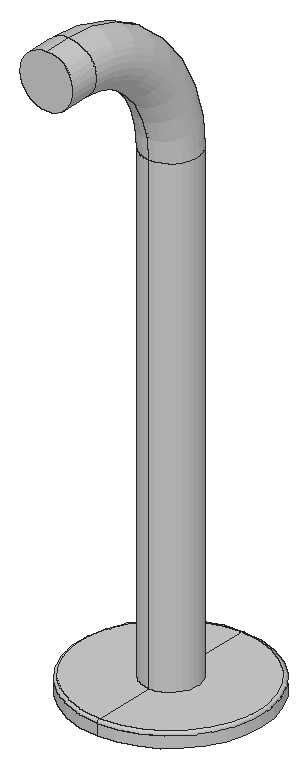
Revit family "Spout_Wall_Abey_Poco_220_FaceBased", category Plumbing Fixtures, host Face, Revit 2019
Family settings
  Host = Face
  Round Connector Dimension = Use Diameter
  Part Type = Normal
  OmniClass Number = 23.31.11.00
  OmniClass Title = Faucets
  Cut with Voids When Loaded = Yes
  Shared = No
  Room Calculation Point = No
Parameters (values of type "6S-C220")
  Waste Connection = no
  Vent Connection = no
  Uniclass2015Version = "Products v1.28"
  Uniclass2015Title = "Washbasin spouts"
  Uniclass2015Code = "Pr_40_20_87_97"
  URL = "https://www.abey.com.au/"
  Type Comments = "Chrome Finish"
  ModifiedIssue = 20230628
  Model = "6S-C220"
  Material = Metal_Abey_Chrome
  ManufacturerURLProductSpecific = "https://www.abey.com.au/product/bathroom/poco-basin-spout-220mm/"
  ManufacturerSpecCode = Model  # "6S-C220"
  ManufacturerOverallWidth = 65 mm  # constant formula
  ManufacturerOverallHeight = 227.5 mm  # constant formula
  ManufacturerOverallDepth = 87.5 mm  # constant formula
  Manufacturer = "Abey"  # constant formula
  Keynote = ""
  IfcExportType = "FAUCET"
  IfcExportAs = "IfcValve"
  HW Connection = yes
  Description = "Poco - Basin Spout 220mm - Chrome"
  Default Elevation = 1050 mm
  CreatedBy = "IGS BIM Solutions"  # constant formula
  CreatedByURL = "https://igsgroup.com.au"
  CW Connection = yes
  Assembly Code = "C1030210"
Reference planes
  plane 1 "Center of base plate": y = -40
  plane 2 "Back": z = 0
  plane 3 "Center (Left/Right)": x = 20.57
  plane 4 "Bottom of base plate": y = -72.5
  plane 5 "Left": x = -11.93
  plane 6 "Right": x = 53.07
  plane 7 "Front": z = 227.5
  plane 8 "Back1": z = -64
  plane 9 "Top": y = -7.5
  plane 10 "Bottom": y = -95
Forms (mm)
  Extrusion 1, void
    sketch origin (0, 0, 0) x (1, 0, 0) y (0, 1, 0)
      loop
        circle (20.57, -40) r 32.5
    from 0 to -21.5
Text (mm)
  text "Disclaimer:\nDue to ongoing product development and manufacturing evolution, product details are subject to change without notice.\nPlease refer to product technical data sheets on the manufacturer's website for the most current product information. Please allow a +/- 5mm manufacturing tolerance for dimensions and set-outs shown in product literature." at (203.111, 48.748, 0), in view "Ref. Level_Instruction"
Dimensions and locks
  "ManufacturerOverallHeight": plane 7 "Front" to plane 2 "Back"
  equal spacing: plane 5 "Left", plane 3 "Center (Left/Right)", plane 6 "Right"
  "ManufacturerOverallWidth": plane 5 "Left" to plane 6 "Right"
  locked: plane 2 "Back" to plane 8 "Back1" at 64
  equal spacing: plane 4 "Bottom of base plate", plane 1 "Center of base plate", plane 9 "Top"
  "ManufacturerOverallDepth": plane 10 "Bottom" to plane 9 "Top"
  plane 4 "Bottom of base plate" to plane 9 "Top" = 65 mm
  aligned and locked: plane 2 "Back" to host face
  aligned and locked: level to host face
  aligned and locked: nested 1 to plane 1 "Center of base plate"
  aligned and locked: plane 3 "Center (Left/Right)" to nested 1
Automatic sketch dimensions
  host sketch curve to host sketch curve = 65 mm  (x2)
  plane 1 "Center of base plate" to Extrusion 1 sketch curve = 0 mm
  Extrusion 1 sketch curve to plane 3 "Center (Left/Right)" = 0 mm
  radius of Extrusion 1 sketch curve = 32.5 mm
Nested families
  nested 1: "z_PlumFix_Spout_ABEY_Poco_Basin Spout_220mm" at (-77.451, -40, -65.75) x (1, 0, 0) z (0, 1, 0), type "6S-C220"
Connectors
  piping at (20.57, -40, -1), diameter 12.7
    settings: on nested 1, index 1, connector inside diameter 24", connector length 0 mm, flow factor 0, pipe flow 0.00 L/s, pressure drop 0 kPa, fitting loss kfactor 0, connector angle 0.00°, fixture units 0, engagement length 0 mm, angle of deflection 0.00°, flow configuration 2, flow direction 1, fitting loss method 0, system type 19, joint type 0, gender type 0, connector reference index -1, connector utility 0, adjustable connector no, is connector primary yes, connector description "Hot Water Supply"
Definition of nested family "z_PlumFix_Spout_ABEY_Poco_Basin Spout_220mm"
  Parameters (values of type "6S-C220")
    Waste Connection = no
    WFU = 0
    Vent Connection = no
    URL = ""
    Type Comments = ""
    ModifiedIssue = 0
    Model = ""
    ManufacturerURLProductSpecific = ""
    ManufacturerSpecCode = ""
    ManufacturerOverallWidth = 65 mm  # constant formula
    ManufacturerOverallHeight = 87.5 mm  # constant formula
    ManufacturerOverallDepth = 227.5 mm  # constant formula
    Manufacturer = ""
    Keynote = ""
    HWFU = 0
    HW Connection = yes
    Description = ""
    Default Elevation = 0 mm
    CreatedBy = "IGS BIM Solutions"  # constant formula
    CreatedByURL = "https://igsgroup.com.au"
    Cost = 0
    CWFU = 0
    CW Connection = yes
    BodyMaterial = none
    Assembly Code = ""
  Reference planes
    plane 1 "Ref. Level": z = 0
    plane 2 "Center (Left/Right)": x = 98.02
    plane 3 "Back": y = -65.75
    plane 4 "Left": x = 65.52
    plane 5 "Front": y = -293.25
    plane 6 "Right": x = 130.52
    plane 7 "Top": z = 32.5
    plane 8 "Center of base plate": z = 0
    plane 9 "Bottom": z = -55
    plane 10 "Bottom of base plate": z = -32.5
  Forms (mm)
    Sweep 1, solid, material <- "BodyMaterial"
      path origin (98.02, 108.935, 3925) x (0, 1, 0) y (0, 0, 1)
        loop
          line (-179.685, -3925) -> (-347.685, -3925)
          arc (-347.685, -3925) -> (-379.505, -3938.18) -> (-392.685, -3970) r 45
          line (-392.685, -3970) -> (-392.685, -3980)
      profile origin (98.02, -154.75, 0) x (0, 0, -1) y (1, 0, 0)
        loop
          circle (0, 0) r 9.5
    Revolve 2, solid, material <- "BodyMaterial"
      sketch origin (98.02, 107.935, 3925) x (0, 1, 0) y (0, 0, 1)
        loop
          line (-173.685, -3925) -> (-173.685, -3892.5) -> (-177.685, -3892.5)
          arc (-177.685, -3892.5) -> (-178.392, -3892.793) -> (-178.685, -3893.5) r 1
          line (-178.685, -3893.5) -> (-178.685, -3925) -> (-173.685, -3925)
        axis (-178.685, -3925) -> (-173.685, -3925)
      angle from 0 to 360
    Extrusion 3, solid, material <- "BodyMaterial"
      sketch origin (0, -65.75, 0) x (-1, 0, 0) y (0, 0, -1)
        loop
          circle (-98.02, 0) r 6.35
      from 0 to -1
  Cuts and joins
    joined: Sweep 1, Revolve 2
  Lines and regions (mm)
    Masking region 1
      outline origin (0, 0, 32.5) x (-1, 0, 0) y (0, -1, 0)
        loop
          arc (-88.52, 283.75) -> (-98.02, 293.25) -> (-107.52, 283.75) r 9.5
          line (-107.52, 283.75) -> (-107.52, 70.75) -> (-129.52, 70.75)
          arc (-129.52, 70.75) -> (-130.227, 70.457) -> (-130.52, 69.75) r 1
          line (-130.52, 69.75) -> (-130.52, 65.75) -> (-65.52, 65.75) -> (-65.52, 69.75)
          arc (-65.52, 69.75) -> (-65.813, 70.457) -> (-66.52, 70.75) r 1
          line (-66.52, 70.75) -> (-88.52, 70.75) -> (-88.52, 283.75)
    symbolic lines, detail levels medium+fine
      curve 1: line (88.52, -70.75, 32.5) -> (107.52, -70.75, 32.5)
      curve 2: line (88.52, -293.25, -31.081) -> (88.52, -293.25, 0)
      curve 3: line (107.52, -293.25, -31.081) -> (107.52, -293.25, 0)
      curve 4: arc (88.52, -293.25, 0) -> (98.02, -293.25, 9.5) -> (107.52, -293.25, 0) r 9.5
      curve 5: line (130.52, -70.75, 9.5) -> (130.52, -70.75, -9.5)
  Dimensions and locks
    "ManufacturerOverallDepth": plane 5 "Front" to plane 3 "Back"
    equal spacing: plane 4 "Left", plane 2 "Center (Left/Right)", plane 6 "Right"
    "ManufacturerOverallWidth": plane 4 "Left" to plane 6 "Right"
    "ManufacturerOverallHeight": plane 7 "Top" to plane 9 "Bottom"
    plane 8 "Center of base plate" to plane 1 "Ref. Level" = 0 mm
    locked: plane 7 "Top" to plane 10 "Bottom of base plate" at 65
    equal spacing: plane 7 "Top", plane 8 "Center of base plate", plane 10 "Bottom of base plate"
    aligned and locked: plane 8 "Center of base plate" to Sweep 1 sketch curve
    aligned and locked: plane 9 "Bottom" to Sweep 1 sketch curve
    aligned and locked: plane 3 "Back" to Revolve 2 sketch curve
    aligned and locked: Revolve 2 sketch curve to plane 7 "Top"
    aligned and locked: plane 8 "Center of base plate" to Revolve 2 sketch curve
    aligned and locked: Revolve 2 sketch curve to Revolve 2 sketch curve  (x2)
    aligned and locked: plane 8 "Center of base plate" to Extrusion 3 sketch curve
    aligned and locked: plane 2 "Center (Left/Right)" to Extrusion 3 sketch curve
  Automatic sketch dimensions
    Sweep 1 sketch curve to profile plane = 0 mm  (x2)
    Sweep 1 sketch curve to plane 5 "Front" = 9.5 mm
    plane 9 "Bottom" to Sweep 1 sketch curve = 10 mm
    plane 3 "Back" to Sweep 1 sketch curve = 5 mm
    Revolve 2 sketch curve to plane 3 "Back" = 0 mm
    Revolve 2 sketch curve to plane 7 "Top" = 1 mm
    plane 3 "Back" to Revolve 2 sketch curve = 4 mm
    plane 3 "Back" to Masking region 1 sketch curve = 0 mm
    Masking region 1 sketch curve to plane 6 "Right" = 0 mm
    Masking region 1 sketch curve to plane 2 "Center (Left/Right)" = 0 mm
    Masking region 1 sketch curve to plane 4 "Left" = 0 mm
    Masking region 1 sketch curve to Masking region 1 sketch curve = 1 mm
    plane 3 "Back" to Masking region 1 sketch curve = 5 mm
    Masking region 1 sketch curve to plane 2 "Center (Left/Right)" = 9.5 mm
    plane 4 "Left" to Masking region 1 sketch curve = 1 mm
    plane 3 "Back" to Masking region 1 sketch curve = 4 mm
    Masking region 1 sketch curve to plane 5 "Front" = 9.5 mm
    plane 2 "Center (Left/Right)" to curve 1 = 9.5 mm
    plane 3 "Back" to curve 1 = 5 mm
    curve 1 to plane 2 "Center (Left/Right)" = 9.5 mm
    curve 4 to plane 2 "Center (Left/Right)" = 0 mm
    curve 2 to plane 8 "Center of base plate" = 0 mm
    curve 4 to curve 4 = 9.5 mm
    curve 3 to plane 10 "Bottom of base plate" = 1.419 mm
    curve 2 to plane 10 "Bottom of base plate" = 1.419 mm
    plane 3 "Back" to curve 5 = 5 mm
    curve 5 to plane 8 "Center of base plate" = 9.5 mm
    plane 8 "Center of base plate" to curve 5 = 9.5 mm
    radius of Sweep 1 sketch curve = 9.5 mm
    radius of Extrusion 3 sketch curve = 6.35 mm
